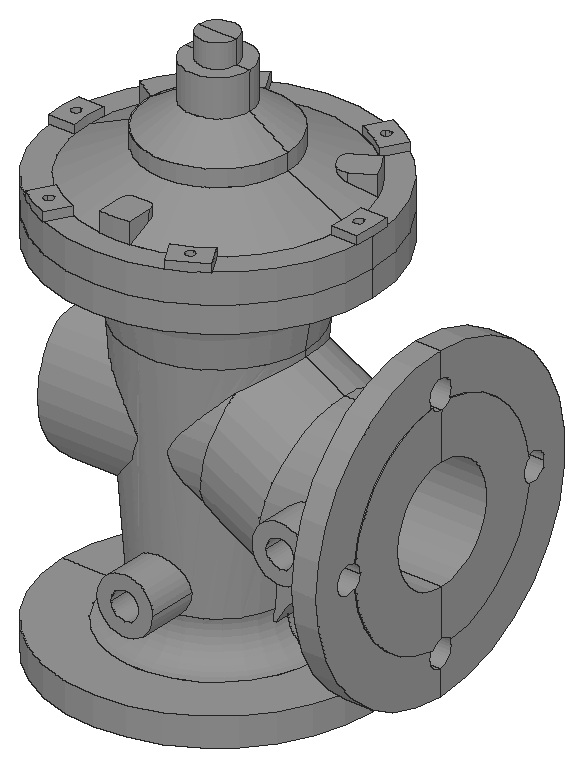
Revit family "ACV Angle Series", category Generic Models, Revit 2014
Parameters (values of type "ACV1.50")
  up 3 = 0.21436"
  rp4 = 2.00"
  URL = "www.mifab.com"
  Model = "ACV1.50"
  Manufacturer = "MIFAB"
  HOLE RP = 2.50"
  HOLE = 0.30"
  EXTUREDE H [instance] = 3.65"
  Up 2 = 0.40"
  Up 1 = 0.70"
  UPPER OUT1 = 1.50"
  RADI1-2 = 1.00"
  RADI = 1.20997"
  OUT = 1.90091"
  ON/OFF = no
  MATERIAL = Iron, Cast
  INNER OUT1 = 2.80"
  IN = 1.80"
  Hole2 = Hole1 + 0.30"  # 0.60"
  Hole1 = 0.30"
  HOLE1 = 3.47037"
  FLANGE2 = FLANGE1 + 0.08"  # 0.6373"
  FLANGE1-2 = 0.03555"
  FLANGE1-1 = 0.65"
  FLANGE1 = 0.5573"
  End extru = 2.50"
  EXTRUDEEE [instance] = 0.44344"
  EXTRUDE W = 0.65"
  EXTRUDE L = 0.75"
  EXTRUDE H = 1.86269"
  Dia. = 2.00"
  Description = "BEECO ACV Angle Series"
  BODY = Iron, Cast
  AW = 6.69"
  UPPER H1 = 1.60"
  AR = 4.18"
  AL = 8.18"
  AH = 12.00"
  AB = 13.25"
  9THK = 0.35"
  9RA = 2.00"
  9HH = 1.25"
  8R2 = 2.25"
  8R1 = 0.50"
  8L = 2.50"
  8H = 2.25"
  7RA = 1.75"
  7L = 2.75"
  6RADI = 0.10"
  6H = 3.05"
  5WIDTH = 1.72745"
  5WID = 0.80"
  5RP = 3.10"
  5HOLE = 0.10"
  5EXT1 = 3.40"
  5EXT = 3.22"
  3LENGTH = 7.00"
  3ID = 1.84185"
  3FILLET = 0.50"
  3AW = AW / 2  # 3.345"
  2RP = 2.00"
  2OD = 0.90"
  2H = 2.50"
Types (7): name | up 3 | rp4 | Model | HOLE RP | HOLE | EXTUREDE H | Up 2 | Up 1 | UPPER OUT1 | RADI1-2 | RADI | OUT | INNER OUT1 | IN | Hole2 | Hole1 | FLANGE2 | FLANGE1-2 | FLANGE1-1 | FLANGE1 | End extru | EXTRUDEEE | EXTRUDE W | EXTRUDE L | Dia. | AW | UPPER H1 | AR | AL | AH | 9THK | 9RA | 9HH | 8R2 | 8R1 | 8L | 8H | 7RA | 7L | 6RADI | 6H | 5WID | 5RP | 5HOLE | 5EXT1 | 5EXT | 3LENGTH | 3ID | 3FILLET | 3AW | 2RP | 2OD | 2H
  (no name) | 0.21436" | 2.00" | "ACV1.50" | 2.50" | 0.30" | 3.65" | 0.40" | 0.70" | 1.50" | 1.00" | 1.20997" | 1.90091" | 2.80" | 1.80" | 0.60" | 0.30" | 0.6373" | 0.03555" | 0.65" | 0.5573" | 2.50" | 0.44344" | 0.65" | 0.75" | 2.00" | 6.69" | 1.60" | 4.18" | 8.18" | 12.00" | 0.35" | 2.00" | 1.25" | 2.25" | 0.50" | 2.50" | 2.25" | 1.75" | 2.75" | 0.10" | 3.05" | 0.80" | 3.10" | 0.10" | 3.40" | 3.22" | 7.00" | 1.84185" | 0.50" | 3.345" | 2.00" | 0.90" | 2.50"
  ACV1.50 | 0.21436" | 2.00" | "ACV1.50" | 2.50" | 0.30" | 3.65" | 0.40" | 0.70" | 1.50" | 1.00" | 1.20997" | 1.90091" | 2.80" | 1.80" | 0.60" | 0.30" | 0.6373" | 0.03555" | 0.65" | 0.5573" | 2.50" | 0.44344" | 0.65" | 0.75" | 2.00" | 6.69" | 1.60" | 4.18" | 8.18" | 12.00" | 0.35" | 2.00" | 1.25" | 2.25" | 0.50" | 2.50" | 2.25" | 1.75" | 2.75" | 0.10" | 3.05" | 0.80" | 3.10" | 0.10" | 3.40" | 3.22" | 7.00" | 1.84185" | 0.50" | 3.345" | 2.00" | 0.90" | 2.50"
  ACV2.00 | 0.40" | 2.20" | "ACV2.00" | 2.80" | 0.40" | 4.75" | 0.53698" | 0.89369" | 1.80" | 1.10" | 1.50" | 2.50" | 2.80" | 1.80" | 0.75" | 0.45" | 0.71014" | 0.0629" | 0.80" | 0.63014" | 3.00" | 1.40" | 1.00" | 0.80" | 3.00" | 7.88" | 2.80" | 5.44" | 9.81" | 16.31" | 0.50" | 2.00" | 2.00" | 2.50" | 0.75" | 3.25" | 2.50" | 2.25" | 2.75" | 0.15" | 3.40" | 1.16171" | 3.35" | 0.1847" | 3.60" | 3.35" | 9.00" | 2.5162" | 0.45479" | 3.94" | 3.00" | 1.20" | 3.80"
  ACV2.50 | 0.50" | 2.40" | "ACV2.50" | 3.50" | 0.45" | 4.75" | 0.60" | 1.00" | 2.00" | 1.80" | 2.00" | 3.20" | 3.30" | 2.20" | 0.85" | 0.55" | 0.68" | 0.0629" | 0.80" | 0.60" | 3.50" | 1.49017" | 1.00" | 1.00" | 4.00" | 9.25" | 3.00" | 5.81" | 11.06" | 17.50" | 0.65" | 2.75" | 1.85" | 2.00" | 0.75" | 3.7608" | 2.75" | 2.75" | 2.75" | 0.20" | 3.95" | 1.30" | 3.35" | 0.1847" | 3.60" | 3.26" | 10.00" | 3.00" | 0.50" | 4.625" | 3.50" | 1.40" | 3.80"
  ACV3.00 | 0.60" | 2.60" | "ACV3.00" | 5.00" | 0.55" | 7.00" | 1.20" | 1.70" | 3.20" | 2.80" | 3.00" | 4.00" | 5.00" | 1.98828" | 0.86" | 0.56" | 0.88" | 0.0629" | 1.10" | 0.80" | 4.75" | 1.86269" | 1.25" | 1.40" | 6.00" | 13.00" | 3.50" | 7.06" | 16.00" | 22.44" | 0.70" | 3.55" | 2.00" | 3.00" | 1.00" | 5.50" | 3.50" | 3.75" | 3.75" | 0.25" | 5.75" | 1.70" | 3.35" | 0.1847" | 5.80" | 5.14" | 14.00" | 4.00" | 0.75" | 6.50" | 4.50" | 1.20" | 4.20"
  ACV4.00 | 0.70" | 4.25" | "ACV4.00" | 6.25" | 0.70" | 8.50" | 1.20" | 1.60" | 3.00" | 3.00" | 3.75" | 5.00" | 6.50" | 3.50" | 1.10" | 0.80" | 1.08" | 0.08" | 1.20" | 1.00" | 6.00" | 2.19495" | 2.00" | 2.50" | 8.00" | 16.31" | 4.00" | 11.81" | 18.88" | 25.00" | 0.75" | 3.95" | 5.00" | 2.00" | 1.25" | 6.50" | 4.00" | 4.50" | 2.75" | 0.30" | 7.25" | 2.00" | 3.35" | 0.1847" | 7.00" | 6.31" | 17.00" | 5.00" | 0.50" | 8.155" | 5.00" | 1.50" | 5.00"
  ACV6.00 | 0.80" | 5.00" | "ACV6.00" | 7.66418" | 0.85" | 10.50" | 1.50" | 2.00" | 3.75" | 3.20" | 4.00" | 6.00" | 8.00" | 4.95" | 1.30" | 1.00" | 1.33" | 0.10" | 1.25" | 1.25" | 7.00" | 3.029" | 2.00" | 3.00" | 10.00" | 19.50" | 6.00" | 13.31" | 23.00" | 32.25" | 0.95" | 6.00" | 5.00" | 5.00" | 2.00" | 8.00" | 6.00" | 5.50" | 2.75" | 0.35" | 8.85" | 2.50" | 3.35" | 0.1847" | 8.50" | 8.15" | 19.00" | 6.00" | 1.00" | 9.75" | 5.00" | 2.20" | 7.00"
Reference planes (in)
  plane 1 "Center (Front/Back)": y = 0
  plane 2: z = 0
  plane 3 "Center (Left/Right)": x = 0
  plane 4: x = -3.345
  plane 5: x = 3.345
  plane 6: z = -6
  plane 7: z = 6
  plane 8: x = 4.835
  plane 9: z = -1.82
  plane 10: y = 3.47037
  plane 11: z = -4
  plane 12: z = -4
  plane 13: through (0, 0, 47.24409) normal (-0.5, 0.866, 0)
  plane 14: through (0, 0, 47.24409) normal (-0.5, -0.866, 0)
  plane 15: z = 3.4
  plane 16: z = 3.22
  plane 17: through (0, 0, 47.24409) normal (-0.866, 0.5, 0)
  plane 18: through (0, 0, 47.24409) normal (-0.866, -0.5, 0)
  plane 19: through (-1.525, 2.64138, 47.24409) normal (-0.5, 0.866, 0)
  plane 20: x = -3.05
  plane 21: through (-1.525, -2.64138, 47.24409) normal (-0.5, -0.866, 0)
  plane 22: through (1.525, 2.64138, 47.24409) normal (-0.5, -0.866, 0)
  plane 23: x = 3.05
  plane 24: through (1.525, -2.64138, 47.24409) normal (-0.5, 0.866, 0)
  plane 25: y = 2.5
  plane 26: z = -4.32
  plane 27: y = -2.5
  plane 28: z = 0.68
Forms (in)
  Revolve 1, solid, material "Iron, Cast" <- "BODY"
    sketch origin (0, 0, 0) x (1, 0, 0) y (0, 0, 1)
      loop
        line (-3.345, 2.58537) -> (-3.345, 2.02807) -> (-2.41873, 2.02807) -> (-2.22, 1.74662)
        arc (-2.22, 1.74662) -> (-2.01319, 1.14832) -> (-1.90091, 0.52533) r 4.10179
        line (-1.90091, 0.52533) -> (-1.545, -4.48055)
        arc (-1.545, -4.48055) -> (-1.63503, -5.07556) -> (-2.17059, -5.35) r 0.65979
        line (-2.17059, -5.35) -> (-3.345, -5.35) -> (-3.345, -6) -> (0, -6) -> (0, 2.58537) -> (-3.345, 2.58537)
      axis (0, 2.58537) -> (0, -6)
    angle from 0 to 360
  Revolve 2, solid, material "Iron, Cast" <- "MATERIAL"
    sketch origin (0, 0, 0) x (1, 0, 0) y (0, 0, 1)
      loop
        line (-3.345, 2.58537) -> (0, 2.58537) -> (0, 4.18537) -> (-1.5, 4.18537) -> (-1.5, 3.82887) -> (-2.8, 3.22267) -> (-3.345, 3.22267) -> (-3.345, 2.58537)
      axis (0, 2.58537) -> (0, 4.18537)
    angle from 0 to 360
  Revolve 3, solid, material "Iron, Cast" <- "MATERIAL"
    sketch origin (0, 0, 0) x (1, 0, 0) y (0, 0, 1)
      loop
        line (-1.5, 4.18537) -> (0, 4.18537) -> (0, 6) -> (-0.4, 6) -> (-0.4, 5.5) -> (-0.7, 5.5) -> (-0.7, 4.71031) -> (-1.5, 4.18537)
      axis (0, 6) -> (0, 4.18537)
    angle from 0 to 360
  Revolve 4, void
    sketch origin (0, 0, 0) x (1, 0, 0) y (0, 0, 1)
      loop
        line (-1.20997, 3.22267) -> (-1.20997, -12.54216) -> (0, -12.54216) -> (0, 3.22267) -> (-1.20997, 3.22267)
      axis (0, -12.54216) -> (0, 3.22267)
    angle from 0 to 360
  Revolve 5, void
    sketch origin (0, 0, 0) x (1, 0, 0) y (0, 0, 1)
      loop
        line (-3.345, -5.96445) -> (-3.345, -6) -> (-2.345, -6) -> (-2.345, -5.96445) -> (-3.345, -5.96445)
      axis (0, -6) -> (0, -5.96063)
    angle from 0 to 360
  Revolve 6, solid, material "Iron, Cast" <- "BODY"
    sketch origin (0, 0, 0) x (1, 0, 0) y (0, 0, 1)
      loop
        line (4.2777, -1.82) -> (4.835, -1.82) -> (4.835, 0.525) -> (4.79945, 0.525) -> (4.79945, 1.525) -> (4.2777, 1.525) -> (4.2777, -1.82)
      axis (4.2777, -1.82) -> (4.835, -1.82)
    angle from 0 to 360
  Revolve 7, void
    sketch origin (0, 0, 0) x (1, 0, 0) y (0, 0, 1)
      loop
        line (8.72702, -0.61003) -> (0, -0.61003) -> (0, -1.82) -> (8.72702, -1.82) -> (8.72702, -0.61003)
      axis (0, -1.82) -> (8.72702, -1.82)
    angle from 0 to 360
  Extrusion 8, solid, material "Iron, Cast" <- "BODY"
    sketch origin (0, 0, 0) x (1, 0, 0) y (0, 0, 1)
      loop
        circle (0, -4) r 0.3
      loop
        circle (0, -4) r 0.6
    from 1.20997 <- "RADI" to 2.5 <- "End extru"
  Extrusion 9, solid, material "Iron, Cast" <- "BODY"
    sketch origin (4.02173, 0, 3.37463) x (1, 0, 0) y (0, 0, 1)
      loop
        circle (-0.67673, -5.19463) r 0.3
      loop
        circle (-0.67673, -5.19463) r 0.6
    from 1.20997 <- "RADI" to 2.5 <- "End extru"
  Extrusion 10, solid, material "Iron, Cast" <- "BODY"
    sketch origin (4.02173, 0, 3.37463) x (1, 0, 0) y (0, 0, -1)
      loop
        circle (-0.67673, 5.19463) r 0.3
      loop
        circle (-0.67673, 5.19463) r 0.6
    from 1.20997 <- "RADI" to 2.5 <- "End extru"
  Extrusion 11, solid, material "Iron, Cast" <- "MATERIAL"
    sketch origin (-0.01293, 1.31858, 0) x (1, 0, 0) y (0, 1, 0)
      loop
        arc (-0.08707, -3.34966) -> (-0.24617, -3.41556) -> (-0.31207, -3.57466) r 0.225
        line (-0.31207, -3.57466) -> (-0.31207, -4.09966)
        arc (-0.31207, -4.09966) -> (0.01293, -4.11858) -> (0.33793, -4.09966) r 2.8
        line (0.33793, -4.09966) -> (0.33793, -3.57466)
        arc (0.33793, -3.57466) -> (0.27203, -3.41556) -> (0.11293, -3.34966) r 0.225
        line (0.11293, -3.34966) -> (-0.08707, -3.34966)
    from 3.20656 to 3.65
  Extrusion 12, solid, material "Iron, Cast" <- "BODY"
    sketch origin (0, 0, 0) x (1, 0, 0) y (0, 0, -1)
      loop
        circle (0, 4) r 0.3
      loop
        circle (0, 4) r 0.6
    from 1.20997 <- "RADI" to 2.5 <- "End extru"
  Extrusion 13, solid, material "Iron, Cast" <- "MATERIAL"
    sketch origin (-1.13546, -0.67049, 0) x (-0.5, 0.866025, 0) y (-0.866025, -0.5, 0)
      loop
        arc (-0.08707, -3.34966) -> (-0.24617, -3.41556) -> (-0.31207, -3.57466) r 0.225
        line (-0.31207, -3.57466) -> (-0.31207, -4.09966)
        arc (-0.31207, -4.09966) -> (0.01293, -4.11858) -> (0.33793, -4.09966) r 2.8
        line (0.33793, -4.09966) -> (0.33793, -3.57466)
        arc (0.33793, -3.57466) -> (0.27203, -3.41556) -> (0.11293, -3.34966) r 0.225
        line (0.11293, -3.34966) -> (-0.08707, -3.34966)
    from 3.65 to 3.20656
  Extrusion 14, solid, material "Iron, Cast" <- "MATERIAL"
    sketch origin (1.14839, -0.6481, 0) x (-0.5, -0.866025, 0) y (0.866025, -0.5, 0)
      loop
        arc (-0.08707, -3.34966) -> (-0.24617, -3.41556) -> (-0.31207, -3.57466) r 0.225
        line (-0.31207, -3.57466) -> (-0.31207, -4.09966)
        arc (-0.31207, -4.09966) -> (0.01293, -4.11858) -> (0.33793, -4.09966) r 2.8
        line (0.33793, -4.09966) -> (0.33793, -3.57466)
        arc (0.33793, -3.57466) -> (0.27203, -3.41556) -> (0.11293, -3.34966) r 0.225
        line (0.11293, -3.34966) -> (-0.08707, -3.34966)
    from 3.20656 to 3.65
  Extrusion 15, solid, material "Iron, Cast" <- "MATERIAL"
    sketch origin (0, 0, 0) x (0.866025, 0.5, 0) y (-0.5, 0.866025, 0)
      loop
        line (-0.4, 3.321) -> (-0.4, 2.77128)
        arc (-0.4, 2.77128) -> (0, 2.8) -> (0.4, 2.77128) r 2.8
        line (0.4, 2.77128) -> (0.4, 3.321)
        arc (0.4, 3.321) -> (0, 3.345) -> (-0.4, 3.321) r 3.345
    from 3.22 to 3.4
  Extrusion 16, solid, material "Iron, Cast" <- "MATERIAL"
    sketch origin (0, 0, 0) x (-0.866025, 0.5, 0) y (-0.5, -0.866025, 0)
      loop
        arc (-0.4, -3.321) -> (0, -3.345) -> (0.4, -3.321) r 3.345
        line (0.4, -3.321) -> (0.4, -2.77128)
        arc (0.4, -2.77128) -> (0, -2.8) -> (-0.4, -2.77128) r 2.8
        line (-0.4, -2.77128) -> (-0.4, -3.321)
    from 3.22 to 3.4
  Extrusion 17, solid, material "Iron, Cast" <- "MATERIAL"
    sketch origin (0, 0, 0) x (0.866025, -0.5, 0) y (0.5, 0.866025, 0)
      loop
        arc (-0.4, -3.321) -> (0, -3.345) -> (0.4, -3.321) r 3.345
        line (0.4, -3.321) -> (0.4, -2.77128)
        arc (0.4, -2.77128) -> (0, -2.8) -> (-0.4, -2.77128) r 2.8
        line (-0.4, -2.77128) -> (-0.4, -3.321)
    from 3.22 to 3.4
  Extrusion 18, solid, material "Iron, Cast" <- "MATERIAL"
    sketch origin (0, 0, 0) x (0, -1, 0) y (1, 0, 0)
      loop
        line (-0.4, 3.321) -> (-0.4, 2.77128)
        arc (-0.4, 2.77128) -> (0, 2.8) -> (0.4, 2.77128) r 2.8
        line (0.4, 2.77128) -> (0.4, 3.321)
        arc (0.4, 3.321) -> (0, 3.345) -> (-0.4, 3.321) r 3.345
    from 3.22 to 3.4
  Extrusion 19, solid, material "Iron, Cast" <- "MATERIAL"
    sketch origin (0, 0, 0) x (0, -1, 0) y (1, 0, 0)
      loop
        arc (-0.4, -3.321) -> (0, -3.345) -> (0.4, -3.321) r 3.345
        line (0.4, -3.321) -> (0.4, -2.77128)
        arc (0.4, -2.77128) -> (0, -2.8) -> (-0.4, -2.77128) r 2.8
        line (-0.4, -2.77128) -> (-0.4, -3.321)
    from 3.22 to 3.4
  Extrusion 20, void
    sketch origin (0.875, -1.51554, 0) x (0.866025, 0.5, 0) y (-0.5, 0.866025, 0)
      loop
        circle (0, 4.8) r 0.1
    from 0 to 12
  Extrusion 21, void
    sketch origin (1.75, 0, 0) x (0, 1, 0) y (-1, 0, 0)
      loop
        circle (0, 4.8) r 0.1
    from 1.62892 to 11.7845
  Extrusion 22, void
    sketch origin (0.875, 1.51554, 0) x (-0.866025, 0.5, 0) y (-0.5, -0.866025, 0)
      loop
        circle (0, 4.8) r 0.1
    from 0 to 12
  Extrusion 23, void
    sketch origin (-0.875, -1.51554, 0) x (-0.866025, 0.5, 0) y (-0.5, -0.866025, 0)
      loop
        circle (0, -4.8) r 0.1
    from 0 to 12
  Extrusion 24, void
    sketch origin (-1.75, 0, 0) x (0, 1, 0) y (-1, 0, 0)
      loop
        circle (0, -4.8) r 0.1
    from 1.62892 to 11.7845
  Extrusion 25, void
    sketch origin (-0.875, 1.51554, 0) x (0.866025, 0.5, 0) y (-0.5, 0.866025, 0)
      loop
        circle (0, -4.8) r 0.1
    from 0 to 12
  Extrusion 26, solid, material "Iron, Cast" <- "MATERIAL"
    sketch origin (0, 0, 0) x (-0.866025, -0.5, 0) y (0.5, -0.866025, 0)
      loop
        line (-0.4, 3.321) -> (-0.4, 2.77128)
        arc (-0.4, 2.77128) -> (0, 2.8) -> (0.4, 2.77128) r 2.8
        line (0.4, 2.77128) -> (0.4, 3.321)
        arc (0.4, 3.321) -> (0, 3.345) -> (-0.4, 3.321) r 3.345
    from 3.22 to 3.4
  Sweep 27, solid, material "Iron, Cast" <- "BODY"
    path origin (0, 0, 0) x (1, 0, 0) y (0, 0, 1)
      loop
        line (4.2777, -1.82) -> (2.295, -1.82) -> (1.07808, -1.17295) -> (-2.4808, -1.17295)
    profile origin (3.28635, 0, -1.82) x (0, 0, -1) y (0, -1, 0)
      loop
        circle (0, 0) r 1.75
  Extrusion 28, void
    sketch origin (0, 0, 0) x (1, 0, 0) y (0, 0, 1)
      loop
        line (0, 0.43) -> (0, 2.46879) -> (-15.4808, 2.46879) -> (-15.4808, -7.99137) -> (0, -8.84295) -> (0, -4.07) -> (-0.25, -4.07)
        arc (-0.25, -4.07) -> (-1.84099, -3.41099) -> (-2.5, -1.82) r 2.25
        line (-2.5, -1.82) -> (-2.5, -0.07)
        arc (-2.5, -0.07) -> (-2.35355, 0.28355) -> (-2, 0.43) r 0.5
        line (-2, 0.43) -> (0, 0.43)
    from -9.2249 to 12
  Extrusion 29, solid, material "Iron, Cast" <- "BODY"
    sketch origin (0, 0, 0) x (1, 0, 0) y (0, 0, 1)
      loop
        line (1.405, -1.82) -> (1.405, -4.71445) -> (1.545, -4.71445)
        arc (1.545, -4.71445) -> (2.28125, -3.88687) -> (3.345, -3.57803) r 2
        line (3.345, -3.57803) -> (3.345, -1.82) -> (1.405, -1.82)
    from -0.35 to 0.35
  Extrusion 30, void
    sketch origin (0, 0, 0) x (0, 1, 0) y (0, 0, 1)
      loop
        circle (2.5, -1.82) r 0.3
    from 0 to 18.36489
  Extrusion 31, void
    sketch origin (0, 2.815, -2.815) x (0, 0, -1) y (0, 1, 0)
      loop
        circle (1.505, -2.815) r 0.3
    from 0 to 18.36489
  Extrusion 32, void
    sketch origin (0, 0, -5.63) x (0, -1, 0) y (0, 0, -1)
      loop
        circle (2.5, -3.81) r 0.3
    from 0 to 18.36489
  Extrusion 33, void
    sketch origin (0, -2.815, -2.815) x (0, 0, 1) y (0, -1, 0)
      loop
        circle (3.495, -2.815) r 0.3
    from 0 to 18.36489
Cuts and joins
  Revolve 4, Revolve 5, Revolve 7, Extrusion 20, Extrusion 21, Extrusion 22, Extrusion 23, Extrusion 24, Extrusion 25, Extrusion 32 cuts Revolve 1
  Revolve 4, Revolve 7, Extrusion 30, Extrusion 31, Extrusion 32, Extrusion 33 cuts Revolve 6
  Extrusion 31, Extrusion 32, Extrusion 33 cuts Extrusion 8
  Extrusion 31, Extrusion 33 cuts Extrusion 9
  Extrusion 31, Extrusion 32, Extrusion 33 cuts Extrusion 10
  Extrusion 31, Extrusion 32, Extrusion 33 cuts Extrusion 12
  Revolve 7, Extrusion 28, Extrusion 31, Extrusion 32, Extrusion 33 cuts Sweep 27
  Revolve 7, Extrusion 32, Extrusion 33 cuts Extrusion 29
  joined: Revolve 1, Revolve 6, Extrusion 8, Extrusion 9, Extrusion 10, Extrusion 12, Sweep 27, Extrusion 29
  Extrusion 20 cuts Extrusion 15
  Extrusion 23 cuts Extrusion 16
  Extrusion 24 cuts Extrusion 18
  joined: Extrusion 13, Extrusion 15, Extrusion 16, Extrusion 18
  Revolve 4, Extrusion 20, Extrusion 21, Extrusion 22, Extrusion 23, Extrusion 24, Extrusion 25 cuts Revolve 2
  Extrusion 22 cuts Extrusion 17
  Extrusion 25 cuts Extrusion 26
  Extrusion 21 cuts Extrusion 19
Dimensions and locks (in)
  equal spacing: plane 4, plane 3 "Center (Left/Right)", plane 5
  "AW": plane 4 to plane 5
  equal spacing: plane 7, level, plane 6
  "AH": plane 7 to plane 6
  "IN": Revolve 1 sketch curve to Revolve 1 sketch curve
  "OUT": Revolve 1 sketch curve to Revolve 1 sketch curve
  "FLANGE1": Revolve 1 sketch curve to Revolve 1 sketch curve
  "FLANGE2": Revolve 2 sketch curve to Revolve 1
  "UPPER OUT1": plane 3 "Center (Left/Right)" to Revolve 2 sketch curve
  "INNER OUT1": plane 3 "Center (Left/Right)" to Revolve 2 sketch curve
  "UPPER H1": Revolve 2 sketch curve to Revolve 1
  "Up 1": plane 3 "Center (Left/Right)" to Revolve 3 sketch curve
  "Up 2": plane 3 "Center (Left/Right)" to Revolve 3 sketch curve
  "UPPER OUT1": plane 3 "Center (Left/Right)" to Revolve 3 sketch curve
  "RADI": plane 3 "Center (Left/Right)" to Revolve 4 sketch curve
  "FLANGE1-2": Revolve 5 sketch curve to cut or joined group 1 (Revolve 1, Revolve 4, Revolve 5, Revolve 6, Revolve 7, Extrusion 8, Extrusion 9, Extrusion 10, Extrusion 12, Extrusion 20, Extrusion 21, Extrusion 22, Extrusion 23, Extrusion 24, Extrusion 25, Sweep 27, Extrusion 28, Extrusion 29, Extrusion 30, Extrusion 31, Extrusion 32, Extrusion 33)
  "RADI1-2": Revolve 5 sketch curve to plane 4
  "AL": plane 8 to plane 4
  "AR": plane 9 to plane 6
  "3AW": Revolve 6 sketch curve to plane 9
  "FLANGE1": plane 8 to Revolve 6 sketch curve
  "RADI1-2": Revolve 6 sketch curve to Revolve 6 sketch curve
  "FLANGE1-2": Revolve 6 sketch curve to Revolve 6 sketch curve
  "RADI": Revolve 7 sketch curve to plane 9
  "FLANGE1-1": Revolve 1 sketch curve to Revolve 1 sketch curve
  "HOLE1": plane 1 "Center (Front/Back)" to plane 10
  "rp4": plane 11 to plane 6
  equal spacing: Extrusion 11 sketch curve, plane 3 "Center (Left/Right)", Extrusion 11 sketch curve
  "EXTRUDE W": Extrusion 11 sketch curve to Extrusion 11 sketch curve
  "EXTRUDE L": Extrusion 11 sketch curve to Extrusion 11 sketch curve
  "EXTUREDE H": Extrusion 11 to level
  "rp4": plane 12 to plane 6
  "EXTRUDE W": Extrusion 13 sketch curve to Extrusion 13 sketch curve
  "EXTRUDE L": Extrusion 13 sketch curve to Extrusion 13 sketch curve
  "EXTRUDE W": Extrusion 14 sketch curve to Extrusion 14 sketch curve
  "EXTRUDE L": Extrusion 14 sketch curve to Extrusion 14 sketch curve
  equal spacing: Extrusion 13 sketch curve, plane 13, Extrusion 13 sketch curve
  equal spacing: Extrusion 14 sketch curve, plane 14, Extrusion 14 sketch curve
  "5EXT1": plane 15 to level
  "5EXT": plane 16 to level
  "5WID": Extrusion 15 sketch curve to Extrusion 15 sketch curve
  equal spacing: Extrusion 15 sketch curve, plane 18, Extrusion 15 sketch curve
  "5WID": Extrusion 16 sketch curve to Extrusion 16 sketch curve
  equal spacing: Extrusion 16 sketch curve, plane 17, Extrusion 16 sketch curve
  "5WID": Extrusion 17 sketch curve to Extrusion 17 sketch curve
  equal spacing: Extrusion 17 sketch curve, plane 17, Extrusion 17 sketch curve
  "5WID": Extrusion 18 sketch curve to Extrusion 18 sketch curve
  equal spacing: Extrusion 18 sketch curve, plane 1 "Center (Front/Back)", Extrusion 18 sketch curve
  "5WID": Extrusion 19 sketch curve to Extrusion 19 sketch curve
  equal spacing: Extrusion 19 sketch curve, plane 1 "Center (Front/Back)", Extrusion 19 sketch curve
  "6H": plane 19 to plane 13
  "6H": plane 20 to plane 3 "Center (Left/Right)"
  "6H": plane 21 to plane 14
  "5WID": Extrusion 26 sketch curve to Extrusion 26 sketch curve
  equal spacing: Extrusion 26 sketch curve, plane 18, Extrusion 26 sketch curve
  "6H": plane 24 to plane 13
  "6H": plane 3 "Center (Left/Right)" to plane 23
  "6H": plane 22 to plane 14
  "8L": Extrusion 28 sketch curve to Extrusion 28 sketch curve
  "EXTRUDEEE": cut or joined group of Extrusion 13, Extrusion 15, Extrusion 16, Extrusion 18, Extrusion 20, Extrusion 23, Extrusion 24 to cut or joined group of Extrusion 13, Extrusion 15, Extrusion 16, Extrusion 18, Extrusion 20, Extrusion 23, Extrusion 24
  equal spacing: Extrusion 28 sketch curve, plane 9, Extrusion 28 sketch curve
  "8H": Extrusion 28 sketch curve to plane 9
  equal spacing: Extrusion 29, plane 1 "Center (Front/Back)", Extrusion 29
  "9THK": plane 1 "Center (Front/Back)" to Extrusion 29
  "IN": plane 5 to Extrusion 29 sketch curve
  "9HH": Extrusion 29 sketch curve to cut or joined group 1
  "HOLE RP": plane 1 "Center (Front/Back)" to plane 25
  "HOLE RP": plane 27 to plane 1 "Center (Front/Back)"
  "HOLE RP": plane 28 to plane 9
  "HOLE RP": plane 26 to plane 9
  "Hole1": radius of Extrusion 8 sketch curve
  "Hole2": radius of Extrusion 8 sketch curve
  "Hole1": radius of Extrusion 9 sketch curve
  "Hole2": radius of Extrusion 9 sketch curve
  "Hole1": radius of Extrusion 10 sketch curve
  "Hole2": radius of Extrusion 10 sketch curve
  "INNER OUT1": radius of Extrusion 11 sketch curve
  "Hole1": radius of Extrusion 12 sketch curve
  "Hole2": radius of Extrusion 12 sketch curve
  "INNER OUT1": radius of Extrusion 13 sketch curve
  "INNER OUT1": radius of Extrusion 14 sketch curve
  "INNER OUT1": radius of Extrusion 15 sketch curve
  "3AW": radius of Extrusion 15 sketch curve
  "INNER OUT1": radius of Extrusion 16 sketch curve
  "3AW": radius of Extrusion 16 sketch curve
  "INNER OUT1": radius of Extrusion 17 sketch curve
  "3AW": radius of Extrusion 17 sketch curve
  "INNER OUT1": radius of Extrusion 18 sketch curve
  "3AW": radius of Extrusion 18 sketch curve
  "INNER OUT1": radius of Extrusion 19 sketch curve
  "3AW": radius of Extrusion 19 sketch curve
  "6RADI": radius of Extrusion 20 sketch curve
  "6RADI": radius of Extrusion 21 sketch curve
  "6RADI": radius of Extrusion 22 sketch curve
  "6RADI": radius of Extrusion 23 sketch curve
  "6RADI": radius of Extrusion 24 sketch curve
  "6RADI": radius of Extrusion 25 sketch curve
  "INNER OUT1": radius of Extrusion 26 sketch curve
  "3AW": radius of Extrusion 26 sketch curve
  "7RA": radius of Sweep 27 sketch curve
  "8R2": radius of Extrusion 28 sketch curve
  "8R1": radius of Extrusion 28 sketch curve
  "9RA": radius of Extrusion 29 sketch curve
  "HOLE": radius of Extrusion 30 sketch curve
  "HOLE": radius of Extrusion 31 sketch curve
  "HOLE": radius of Extrusion 32 sketch curve
  "HOLE": radius of Extrusion 33 sketch curve
  locked: plane 3 "Center (Left/Right)" to plane 13 (angle 120.00°)
  locked: plane 14 to plane 3 "Center (Left/Right)" (angle 120.00°)
  angle plane 17 to plane 3 "Center (Left/Right)" = 30.00°
  angle plane 3 "Center (Left/Right)" to plane 18 = 30.00°
  aligned and locked: Revolve 1 sketch curve to plane 3 "Center (Left/Right)"
  aligned and locked: Revolve 2 sketch curve to Revolve 1
  aligned and locked: Revolve 2 sketch curve to plane 3 "Center (Left/Right)"
  aligned and locked: plane 3 "Center (Left/Right)" to Revolve 3 sketch curve
  aligned and locked: Revolve 2 to Revolve 3 sketch curve
  aligned and locked: Revolve 2 to Revolve 4 sketch curve
  aligned and locked: Revolve 4 sketch curve to plane 3 "Center (Left/Right)"  (x2)
  aligned and locked: plane 3 "Center (Left/Right)" to Revolve 5 sketch curve
  aligned and locked: plane 6 to Revolve 5 sketch curve
  aligned and locked: Revolve 6 sketch curve to plane 8
  aligned and locked: Revolve 7 sketch curve to plane 9
  aligned and locked: Revolve 1 sketch curve to plane 6
  aligned and locked: plane 11 to Extrusion 8 sketch curve  (x2)
  aligned and locked: plane 3 "Center (Left/Right)" to Extrusion 8 sketch curve  (x2)
  aligned and locked: plane 5 to Extrusion 9 sketch curve  (x2)
  aligned and locked: plane 9 to Extrusion 9 sketch curve  (x2)
  aligned and locked: plane 1 "Center (Front/Back)" to Extrusion 11 sketch curve
  aligned and locked: plane 3 "Center (Left/Right)" to Extrusion 11 sketch curve
  aligned and locked: Extrusion 12 sketch curve to plane 12  (x2)
  aligned and locked: Extrusion 11 to Extrusion 13  (x2)
  aligned and locked: Extrusion 11 to Extrusion 14
  aligned and locked: Extrusion 14 to Extrusion 11
  aligned and locked: plane 18 to Extrusion 15 sketch curve  (x2)
  aligned and locked: plane 13 to Extrusion 15 sketch curve  (x2)
  aligned and locked: plane 16 to Extrusion 15
  aligned and locked: plane 15 to Extrusion 15
  aligned and locked: plane 16 to Extrusion 16
  aligned and locked: plane 15 to Extrusion 16
  aligned and locked: plane 16 to Extrusion 17
  aligned and locked: plane 15 to Extrusion 17
  aligned and locked: plane 16 to Extrusion 19
  aligned and locked: plane 15 to Extrusion 19
  aligned and locked: plane 16 to Extrusion 18
  aligned and locked: plane 15 to Extrusion 18
  aligned and locked: plane 16 to Extrusion 26
  aligned and locked: plane 15 to Extrusion 26
  aligned and locked: Extrusion 21 to Extrusion 24
  aligned and locked: Extrusion 24 to Extrusion 21
  aligned and locked: Revolve 6 sketch curve to plane 9
  aligned and locked: plane 9 to Sweep 27 sketch curve
  aligned and locked: plane 1 "Center (Front/Back)" to Sweep 27 sketch curve
  aligned and locked: cut or joined group 1 to Sweep 27 sketch curve
  aligned and locked: Extrusion 28 sketch curve to plane 3 "Center (Left/Right)"  (x2)
  aligned and locked: Extrusion 29 sketch curve to plane 5
  aligned and locked: Extrusion 29 sketch curve to plane 9
  aligned and locked: plane 1 "Center (Front/Back)" to Extrusion 33 sketch curve
  aligned and locked: plane 28 to Extrusion 33 sketch curve
  aligned and locked: plane 9 to Extrusion 32 sketch curve
  aligned and locked: plane 27 to Extrusion 32 sketch curve
  aligned and locked: plane 9 to Extrusion 30 sketch curve
  aligned and locked: plane 25 to Extrusion 30 sketch curve
  aligned and locked: plane 1 "Center (Front/Back)" to Extrusion 31 sketch curve
  aligned and locked: plane 26 to Extrusion 31 sketch curve
Automatic sketch dimensions
  Sweep 27 sketch curve to plane 9 = 0.00"
  Sweep 27 sketch curve to plane 5 = 1.05"
  plane 3 "Center (Left/Right)" to Sweep 27 sketch curve = 1.07808"
  plane 4 to Sweep 27 sketch curve = 0.8642"
  plane 9 to Sweep 27 sketch curve = 0.64705"
  Revolve 1 sketch curve to plane 4 = 0.00"  (x2)
  Revolve 1 sketch curve to plane 3 "Center (Left/Right)" = 0.00"
  level to Revolve 1 sketch curve = 0.11145"
  Revolve 1 sketch curve to plane 4 = 2.63677"
  Revolve 1 sketch curve to Revolve 1 sketch curve = 0.92627"
  Revolve 1 sketch curve to Revolve 1 sketch curve = 0.19873"
  Revolve 1 sketch curve to Revolve 1 sketch curve = 0.62559"
  Revolve 1 sketch curve to Revolve 1 sketch curve = 0.65979"
  level to Revolve 1 sketch curve = 0.52533"
  Revolve 1 sketch curve to Revolve 1 sketch curve = 0.28144"
  level to Revolve 1 sketch curve = 0.72"
  plane 15 to Revolve 1 sketch curve = 0.00345"
  Revolve 2 sketch curve to plane 4 = 0.00"
  Revolve 2 sketch curve to plane 3 "Center (Left/Right)" = 0.00"
  Revolve 2 sketch curve to Revolve 2 sketch curve = 0.3565"
  plane 16 to Revolve 2 sketch curve = 0.02323"
  Revolve 2 sketch curve to plane 7 = 0.84462"
  Revolve 3 sketch curve to plane 3 "Center (Left/Right)" = 0.00"
  Revolve 3 sketch curve to plane 7 = 0.00"
  Revolve 3 sketch curve to Revolve 3 sketch curve = 0.52495"
  Revolve 3 sketch curve to Revolve 3 sketch curve = 0.50"
  plane 15 to Revolve 3 sketch curve = 0.25"
  plane 7 to Revolve 3 sketch curve = 0.18155"
  Revolve 4 sketch curve to plane 6 = 6.54216"
  Revolve 4 sketch curve to Revolve 4 sketch curve = 1.75"
  Revolve 4 sketch curve to Revolve 4 sketch curve = 2.25"
  Revolve 5 sketch curve to plane 4 = 0.00"
  Revolve 5 sketch curve to plane 6 = 0.29872"
  plane 6 to Revolve 5 sketch curve = 0.70128"
  Revolve 6 sketch curve to plane 9 = 0.00"
  Revolve 6 sketch curve to Revolve 6 sketch curve = 4.00"
  Revolve 6 sketch curve to Revolve 6 sketch curve = 3.25"
  Revolve 7 sketch curve to plane 3 "Center (Left/Right)" = 0.00"
  Revolve 7 sketch curve to plane 9 = 0.00"
  plane 8 to Revolve 7 sketch curve = 3.89202"
  Revolve 7 sketch curve to Revolve 7 sketch curve = 3.00"  (x2)
  Extrusion 10 sketch curve to Extrusion 10 sketch curve = 0.00"  (x2)
  Extrusion 10 sketch curve to plane 5 = 0.00"
  Extrusion 10 sketch curve to plane 9 = 0.00"
  Extrusion 11 sketch curve to plane 3 "Center (Left/Right)" = 0.10"
  plane 3 "Center (Left/Right)" to Extrusion 11 sketch curve = 0.10"
  Extrusion 12 sketch curve to Extrusion 12 sketch curve = 0.00"
  Extrusion 12 sketch curve to plane 3 "Center (Left/Right)" = 0.00"
  plane 1 "Center (Front/Back)" to Extrusion 13 sketch curve = 0.00"
  Extrusion 13 sketch curve to plane 3 "Center (Left/Right)" = 0.00"
  Extrusion 13 sketch curve to plane 13 = 0.10"
  plane 13 to Extrusion 13 sketch curve = 0.10"
  plane 1 "Center (Front/Back)" to Extrusion 14 sketch curve = 0.00"
  Extrusion 14 sketch curve to plane 3 "Center (Left/Right)" = 0.00"
  Extrusion 14 sketch curve to plane 14 = 0.10"
  plane 14 to Extrusion 14 sketch curve = 0.10"
  Extrusion 16 sketch curve to Extrusion 16 sketch curve = 0.00"  (x2)
  plane 1 "Center (Front/Back)" to Extrusion 16 sketch curve = 0.00"
  Extrusion 16 sketch curve to plane 3 "Center (Left/Right)" = 0.00"
  Extrusion 17 sketch curve to Extrusion 17 sketch curve = 0.00"  (x2)
  plane 1 "Center (Front/Back)" to Extrusion 17 sketch curve = 0.00"
  Extrusion 17 sketch curve to plane 3 "Center (Left/Right)" = 0.00"
  Extrusion 18 sketch curve to Extrusion 18 sketch curve = 0.00"  (x2)
  plane 1 "Center (Front/Back)" to Extrusion 18 sketch curve = 0.00"
  Extrusion 18 sketch curve to plane 3 "Center (Left/Right)" = 0.00"
  Extrusion 19 sketch curve to Extrusion 19 sketch curve = 0.00"  (x2)
  plane 1 "Center (Front/Back)" to Extrusion 19 sketch curve = 0.00"
  Extrusion 19 sketch curve to plane 3 "Center (Left/Right)" = 0.00"
  plane 18 to Extrusion 20 sketch curve = 0.00"
  Extrusion 20 sketch curve to plane 19 = 0.00"
  plane 1 "Center (Front/Back)" to Extrusion 21 sketch curve = 0.00"
  Extrusion 21 sketch curve to plane 20 = 0.00"
  Extrusion 22 sketch curve to plane 17 = 0.00"
  plane 21 to Extrusion 22 sketch curve = 0.00"
  Extrusion 23 sketch curve to plane 17 = 0.00"
  Extrusion 23 sketch curve to plane 22 = 0.00"
  plane 1 "Center (Front/Back)" to Extrusion 24 sketch curve = 0.00"
  Extrusion 24 sketch curve to plane 23 = 0.00"
  plane 18 to Extrusion 25 sketch curve = 0.00"
  Extrusion 25 sketch curve to plane 24 = 0.00"
  Extrusion 26 sketch curve to Extrusion 26 sketch curve = 0.00"  (x2)
  plane 1 "Center (Front/Back)" to Extrusion 26 sketch curve = 0.00"
  Extrusion 26 sketch curve to plane 3 "Center (Left/Right)" = 0.00"
  Extrusion 28 sketch curve to plane 6 = 1.99137"
  Extrusion 28 sketch curve to plane 4 = 12.1358"
  Extrusion 28 sketch curve to plane 6 = 2.84295"
  plane 16 to Extrusion 28 sketch curve = 0.75121"
  plane 3 "Center (Left/Right)" to Extrusion 29 sketch curve = 1.405"
  plane 5 to Extrusion 29 sketch curve = 0.00395"
Connectors (in)
  piping at (4.835, -0.81783, -1.82), diameter 2, driven by "Dia."
    settings: on cut or joined group 1, index 1, connector inside diameter 609.6 mm, connector length 0.00", flow factor 0, pipe flow 0.0 L/s, pressure drop 0.0 Pa, fitting loss kfactor 0, connector angle 0.00°, fixture units 0, engagement length 0.00", angle of deflection 0.00°, flow configuration 0, flow direction 0, fitting loss method 0, system type 7, joint type 0, gender type 0, connector reference index -1, connector utility 0, adjustable connector no, is connector primary yes, connector description ""
  piping at (0, 0, -6), diameter 2, driven by "Dia."
    settings: on cut or joined group 1, index 2, connector inside diameter 609.6 mm, connector length 0.00", flow factor 0, pipe flow 0.0 L/s, pressure drop 0.0 Pa, fitting loss kfactor 0, connector angle 0.00°, fixture units 0, engagement length 0.00", angle of deflection 0.00°, flow configuration 0, flow direction 0, fitting loss method 0, system type 7, joint type 0, gender type 0, connector reference index -1, connector utility 0, adjustable connector no, is connector primary no, connector description ""
